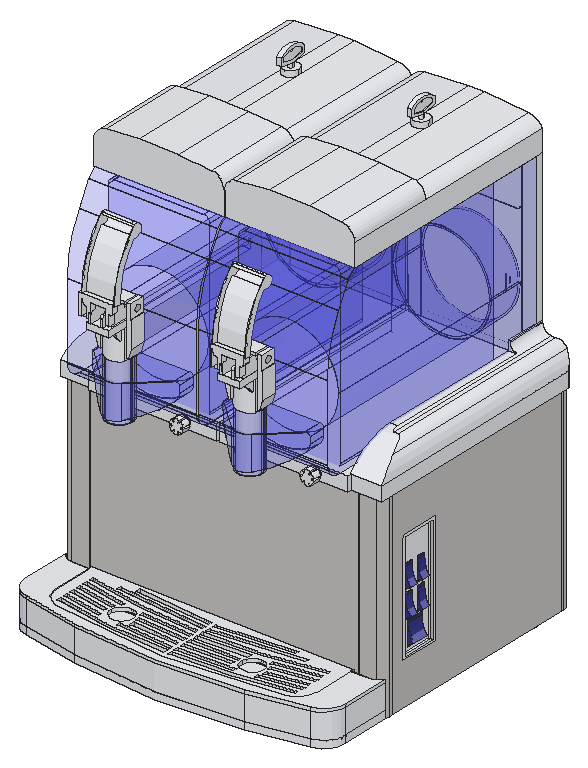
Revit family "QF_ELECTROLUXPROFESSIONAL_560105_SP2NewUK", category Specialty Equipment, Revit 2018 (continued)
Definition of nested family "SP2_Vasca_R"
  Forms (mm)
    Extrusion 45, solid
      sketch origin (0.189, -212, -123.048) x (-1, 0, 0) y (0, 0, 1)
        loop
          circle (45.189, 417.933) r 6.382
      from 90.501 to 85.6
    Extrusion 46, solid
      sketch origin (-0.189, -212, -123.048) x (1, 0, 0) y (0, 0, -1)
        loop
          circle (45.189, -417.933) r 6.382
      from 85.6 to 90.501
    Extrusion 47, void
      sketch origin (-90.5, 0, 0) x (-1, 0, 0) y (0, -1, 0)
        loop
          arc (-210.523, -212) -> (-219.699, -208.199) -> (-223.5, -199.023) r 12.977
          line (-223.5, -199.023) -> (-223.5, -212) -> (-210.523, -212)
      from 328.597 to 286
  Cuts and joins
    Extrusion 8 cuts Extrusion 6
    Extrusion 8, Extrusion 9 cuts Extrusion 7
    Extrusion 8 cuts Extrusion 10
    joined: Extrusion 7, Extrusion 10, Extrusion 11
    joined: Extrusion 5, Extrusion 14
    Extrusion 20 cuts Extrusion 12
    Extrusion 20 cuts Extrusion 15
    Extrusion 20 cuts Extrusion 16
    Extrusion 20 cuts Extrusion 17
    Extrusion 20 cuts Extrusion 18
    Extrusion 25, Extrusion 47 cuts Extrusion 24
    Extrusion 22 cuts Extrusion 26
    Extrusion 31 cuts Extrusion 32
    Extrusion 22, Extrusion 42, Extrusion 44 cuts Extrusion 39
    Extrusion 22, Extrusion 42 cuts Extrusion 40
    Extrusion 38 cuts Extrusion 27
  Lines and regions (mm)
    symbolic lines
      curve 1: arc (112.977, -118, 14) -> (127.119, -112.142, 14) -> (132.977, -98, 14) r 20
      curve 2: line (110.977, 212, 14) -> (110.977, -50, 14)
      curve 3: line (110.977, -50, 14) -> (127.977, -50, 14)
      curve 4: line (127.977, -50, 14) -> (127.977, 209.259, 14)
      curve 5: arc (120, 212, 14) -> (129.176, 208.199, 14) -> (132.977, 199.023, 14) r 12.977
      curve 6: line (110.977, -50, 14) -> (110.977, -67.775, 14)
      curve 7: arc (110.977, -67.775, 14) -> (112.944, -92.763, 14) -> (118.795, -117.135, 14) r 159.732
      curve 8: line (127.977, -50, 14) -> (132.977, -85.577, 14)
      curve 9: line (89.477, 212, 14) -> (89.477, 30.512, 14)
      curve 10: line (89.477, 157, 14) -> (104.477, 157, 14)
      curve 11: line (104.477, 157, 14) -> (104.477, -88, 14)
      curve 12: arc (104.477, -88, 14) -> (103.013, -99.123, 14) -> (98.719, -109.488, 14) r 42.977
      curve 13: line (98.719, -109.488, 14) -> (89.477, -109.488, 14)
      curve 14: arc (89.477, 30.512, 14) -> (83.619, 16.37, 14) -> (69.477, 10.512, 14) r 20
      curve 15: arc (-90.523, 30.512, 14) -> (-84.665, 16.37, 14) -> (-70.523, 10.512, 14) r 20
      curve 16: line (-90.523, 30.512, 14) -> (-90.523, -113, 14)
      curve 17: line (89.477, 30.512, 14) -> (89.477, -113, 14)
      curve 18: line (2.977, 135.359, 14) -> (-3.023, 135.359, 14)
      curve 19: line (2.977, 96.233, 14) -> (2.977, 135.359, 14)
      curve 20: line (-3.023, 96.233, 14) -> (2.977, 96.233, 14)
      curve 21: line (-3.023, 135.359, 14) -> (-3.023, 96.233, 14)
      curve 22: arc (2.977, 105.213, 14) -> (10.977, 115.796, 14) -> (2.977, 126.379, 14) r 11
      curve 23: arc (-3.023, 126.379, 14) -> (-11.023, 115.796, 14) -> (-3.023, 105.213, 14) r 11
      curve 24: arc (89.477, -93, 14) -> (82.183, -87.573, 14) -> (73.338, -85.474, 14) r 22.513
      curve 25: arc (-90.523, -93, 14) -> (-83.229, -87.573, 14) -> (-74.384, -85.474, 14) r 22.513
      curve 26: arc (73.338, -85.474, 14) -> (-0.523, -83, 14) -> (-74.384, -85.474, 14) r 1103.745
      curve 27: line (-0.523, -113, 14) -> (-0.523, -171, 14)
      curve 28: line (82.477, -113, 14) -> (82.477, -153, 14)
      curve 29: line (-80.989, -113, 14) -> (-80.989, -153, 14)
      curve 30: line (-80.989, -153, 14) -> (82.477, -153, 14)
      curve 31: line (-50.989, -153, 14) -> (-21.523, -182.466, 14)
      curve 32: line (20.477, -216, 14) -> (-21.523, -216, 14)
      curve 33: line (-21.523, -216, 14) -> (-21.523, -171, 14)
      curve 34: line (-21.523, -171, 14) -> (20.477, -171, 14)
      curve 35: line (-16.523, -216, 14) -> (-16.523, -181, 14)
      curve 36: line (-16.523, -181, 14) -> (14.477, -181, 14)
      curve 37: line (14.477, -196, 14) -> (-16.523, -196, 14)
      curve 38: line (-55.989, -153, 14) -> (-21.523, -187.466, 14)
      curve 39: line (49.943, -153, 14) -> (20.477, -182.466, 14)
      curve 40: line (54.943, -153, 14) -> (20.477, -187.466, 14)
      curve 41: line (20.477, -216, 14) -> (20.477, -171, 14)
      curve 42: line (14.477, -216, 14) -> (14.477, -181, 14)
      curve 43: line (-90.523, 212, 14) -> (120, 212, 14)
      curve 44: line (132.977, 199.023, 14) -> (132.977, -98, 14)
      curve 45: line (-90.523, 212, 14) -> (-90.523, 30.512, 14)
      curve 46: line (-90.523, -113, 14) -> (89.477, -113, 14)
      curve 47: line (89.477, -113, 14) -> (89.477, -118, 14)
      curve 48: line (89.477, -118, 14) -> (112.977, -118, 14)
      curve 49: line (-70.523, 10.512, 0) -> (69.477, 10.512, 0)
  Dimensions and locks
    plane 4 "FEET" to level = 14 mm
    plane 6 "LEFT" to plane 3 "Center (Left/Right)" to plane 7 "RIGHT" = 133 mm, 133 mm
    plane 5 "BACK" to plane 1 "Center (Front/Back)" = 212 mm
    plane 6 "LEFT" to plane 7 "RIGHT" = 266 mm
    plane 5 "BACK" to plane 8 = 43 mm
    plane 8 to plane 11 = 250 mm
    plane 14 "TOP" to level = 640 mm
    plane 15 "FRONT" to plane 5 "BACK" = 428 mm
    plane 5 "BACK" to plane 15 "FRONT" = 428 mm
    Extrusion 36 to level = 613 mm
    Extrusion 36 to level = 606 mm
    aligned and locked: level to plane 2 "BASE"
